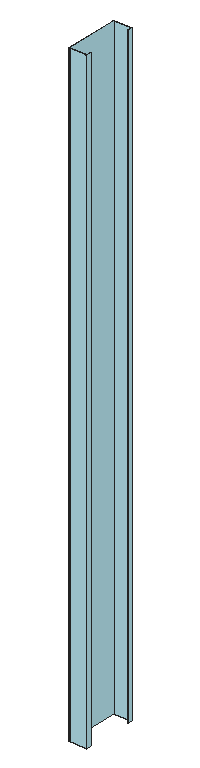
Revit family "hokyozai_90", category 機械設備, Revit 2022
Family settings
  丸型コネクタ寸法 = 直径を使用
  種別 = なし
  パーツ タイプ = 標準
  作業面ベース = いいえ
  常に垂直 = はい
  ロード時にボイドで切り取り = いいえ
  注釈の向きを維持 = いいえ
  共有 = いいえ
  部屋計算ポイント = いいえ
Parameters
  製造元 = "株式会社桐井製作所"
  既定の高さ = 0 mm
  URL = "https://www.kirii.co.jp/"
  K_長さ(mm) [instance] = 1000 mm
  K_材質 = "SGCC一般用・SGC340~570高強度一般用・SGH340~570高強度一般用"
  K_外形寸法(mm) = "90×30×7"
  K_品名 = "90補強材"
  K_名称 = "補強材"
  K_バージョン情報 = "20210524"
  K_めっき付着量 = "Z08"
  K_JIS規格 = "JIS G 3302"
Reference planes
  plane 1 "中心(正面/背面)": y = 0
  plane 2: z = 0
  plane 3 "中心(左/右)": x = 0
  plane 4: z = 1000
  plane 5: y = 90
Forms (mm)
  Extrusion 1, solid
    sketch origin (0, 0, 0) x (1, 0, 0) y (0, 1, 0)
      loop
        line (0, 0) -> (30, 0) -> (30, 7) -> (28.8, 7) -> (28.8, 1.2) -> (1.2, 1.2) -> (1.2, 88.8) -> (28.8, 88.8) -> (28.8, 83) -> (30, 83) -> (30, 90) -> (0, 90) -> (0, 0)
    from 0 to 1000
Dimensions and locks
  "K_長さ(mm)": plane 4 to plane 2
  aligned and locked: level to plane 2
  aligned and locked: plane 4 to Extrusion 1
  aligned and locked: plane 5 to Extrusion 1  (x2)
Automatic sketch dimensions
  Extrusion 1 sketch curve to plane 3 "中心(左/右)" = 0 mm
  plane 1 "中心(正面/背面)" to Extrusion 1 sketch curve = 0 mm
  Extrusion 1 sketch curve to plane 5 = 0 mm
  plane 3 "中心(左/右)" to Extrusion 1 sketch curve = 1.2 mm
  Extrusion 1 sketch curve to plane 1 "中心(正面/背面)" = 7 mm
  Extrusion 1 sketch curve to Extrusion 1 sketch curve = 27.6 mm  (x2)
  Extrusion 1 sketch curve to plane 5 = 7 mm
  Extrusion 1 sketch curve to Extrusion 1 sketch curve = 1.2 mm  (x2)
  Extrusion 1 sketch curve to plane 1 "中心(正面/背面)" = 1.2 mm
  Extrusion 1 sketch curve to plane 5 = 1.2 mm
